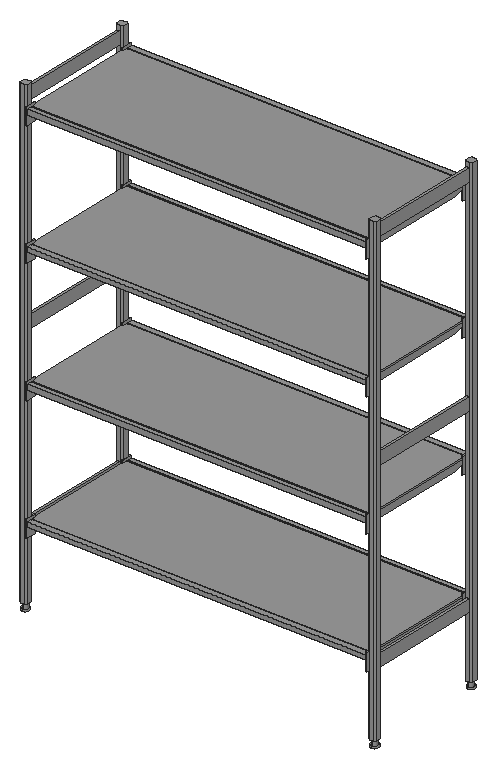
Revit family "QF_ZANUSSI_137036_BLS1304", category Attrezzature speciali, Revit 2020
Family settings
  Quota connettore circolare = Usa diametro
  Tipo di parte = Normale
  Basato su piano di lavoro = No
  Sempre verticale = Sì
  Taglio con vuoti quando caricato = No
  Condiviso = No
  Punto di calcolo locali = No
Parameters (values of type "Standard")
  Weight = 25.00 kg
  Watts = 0 W
  Volts = 0 V
  URL Manufacturer = "http://www.zanussiprofessional.com"
  URL = "http://www.zanussiprofessional.com"
  Steam Supply Size = 0 mm
  Steam Supply Minimum Pressure = 0.0 Pa
  Steam Supply Maximum Pressure = 0.0 Pa
  Steam Consumption per Hour = 0
  Refrigeration Suction Line Size = 0.0 mm
  Refrigeration Liquid Line Size = 0.0 mm
  Refrigerant Compressor Remote = yes
  Prospetto di default = 0.0 mm
  Phase = 0
  Modello = "BLS1304"
  Produttore = "Zanussi"
  Length Actual = 1304.0 mm  # constant formula
  Item Number = "137036"
  Hot Water Size = 0 mm
  Height Actual = 1700.0 mm  # constant formula
  HP = "0 HP"
  Gas Size = 0 mm
  Gas KW = 0
  Gas Input Pressure = 0 W
  Direct Waste Size = 0 mm
  Descrizione = "ALUM.LINEAR SHELV.-POLY.TIERS-475X1304MM"
  Depth Actual = 475.0 mm  # constant formula
  Cycle = 0 Hz
  Condensate Return Size = 0 mm
  Compressed Air Volume = 0.0 L/s
  Compressed Air Size = 0 mm
  Compressed Air Pressure = 0.0 Pa
  Cold Water Size = 0 mm
  Accessory = yes
Reference planes
  plane 1: z = 0
  plane 2 "Center (Left/Right)": x = -31
  plane 3 "LEFT": x = -683
  plane 4 "RIGHT": x = 621
  plane 5 "BACK": y = 23
  plane 6 "FRONT": y = -452
  plane 7 "TOP": z = 1700
  plane 8: x = 616
  plane 9: x = -651
  plane 10: x = 589
  plane 11 "Center (Front/Back)": y = -214.5
  plane 12: x = 584
  plane 13: y = -8.5
  plane 14: y = -420.5
  plane 15 "FEET": z = 25
  plane 16: z = 275
  plane 17: z = 725
  plane 18: z = 1175
  plane 19: z = 1625
  plane 20 "CXLeft": x = -669
  plane 21 "CXRight": x = 607
  plane 22: y = 5.5
  plane 23 "CYBack": y = 5.5
  plane 24 "CYFront": y = -434.5
Forms (mm)
  Extrusion 1, solid, material "QF_Aluminum"
    sketch origin (-683, 0, 0) x (0, 1, 0) y (0, 0, 1)
      loop
        line (4, 1650.994) -> (4, 1632.998) -> (23, 1632.998) -> (23, 1650.994) -> (4, 1650.994)
      loop
        line (-433, 1650.994) -> (-452, 1650.994) -> (-452, 1632.998) -> (-433, 1632.998) -> (-433, 1650.994)
      loop
        line (4, 1200.994) -> (4, 1182.998) -> (23, 1182.998) -> (23, 1200.994) -> (4, 1200.994)
      loop
        line (-433, 1200.994) -> (-452, 1200.994) -> (-452, 1182.998) -> (-433, 1182.998) -> (-433, 1200.994)
      loop
        line (4, 750.994) -> (4, 732.998) -> (23, 732.998) -> (23, 750.994) -> (4, 750.994)
      loop
        line (-433, 750.994) -> (-452, 750.994) -> (-452, 732.998) -> (-433, 732.998) -> (-433, 750.994)
      loop
        line (4, 300.994) -> (4, 282.998) -> (23, 282.998) -> (23, 300.994) -> (4, 300.994)
      loop
        line (-433, 300.994) -> (-452, 300.994) -> (-452, 282.998) -> (-433, 282.998) -> (-433, 300.994)
    from 32 to 1272
  Extrusion 2, solid, material "QF_Polyethylene"
    sketch origin (-683, 0, 0) x (0, 1, 0) y (0, 0, 1)
      loop
        line (2.007, 1650.994) -> (-431, 1650.994) -> (-431, 1644.496) -> (2.007, 1644.496) -> (2.007, 1650.994)
      loop
        line (2.007, 1200.994) -> (-431, 1200.994) -> (-431, 1194.496) -> (2.007, 1194.496) -> (2.007, 1200.994)
      loop
        line (2.007, 750.994) -> (-431, 750.994) -> (-431, 744.496) -> (2.007, 744.496) -> (2.007, 750.994)
      loop
        line (2.007, 300.994) -> (-431, 300.994) -> (-431, 294.496) -> (2.007, 294.496) -> (2.007, 300.994)
    from 32 to 1272
  Extrusion 3, solid, material "QF_Aluminum"
    sketch origin (621, 0, 0) x (0, 1, 0) y (0, 0, 1)
      loop
        line (-12, 1632.998) -> (4, 1632.998) -> (4, 1650.994) -> (2.007, 1650.994) -> (2.007, 1644.496) -> (-431, 1644.496) -> (-431, 1650.994) -> (-433, 1650.994) -> (-433, 1632.998) -> (-417, 1632.998) -> (-383, 1620.994) -> (-46, 1620.994) -> (-12, 1632.998)
      loop
        line (-12, 1182.998) -> (4, 1182.998) -> (4, 1200.994) -> (2.007, 1200.994) -> (2.007, 1194.496) -> (-431, 1194.496) -> (-431, 1200.994) -> (-433, 1200.994) -> (-433, 1182.998) -> (-417, 1182.998) -> (-383, 1170.994) -> (-46, 1170.994) -> (-12, 1182.998)
      loop
        line (-12, 732.998) -> (4, 732.998) -> (4, 750.994) -> (2.007, 750.994) -> (2.007, 744.496) -> (-431, 744.496) -> (-431, 750.994) -> (-433, 750.994) -> (-433, 732.998) -> (-417, 732.998) -> (-383, 720.994) -> (-46, 720.994) -> (-12, 732.998)
      loop
        line (-12, 282.998) -> (4, 282.998) -> (4, 300.994) -> (2.007, 300.994) -> (2.007, 294.496) -> (-431, 294.496) -> (-431, 300.994) -> (-433, 300.994) -> (-433, 282.998) -> (-417, 282.998) -> (-383, 270.994) -> (-46, 270.994) -> (-12, 282.998)
    from -32 to -37
Lines and regions (mm)
  symbolic lines
    curve 1: line (589, 4, 1700) -> (-651, 4, 1700)
    curve 2: line (-655, 23, 1700) -> (593, 23, 1700)
    curve 3: line (593, 13.246, 1700) -> (599.254, 19.5, 1700)
    curve 4: line (599.254, -8.5, 1700) -> (593, -2.246, 1700)
    curve 5: line (599.254, -420.5, 1700) -> (593, -426.754, 1700)
    curve 6: line (-655, -452, 1700) -> (593, -452, 1700)
    curve 7: line (593, 23, 1700) -> (593, -12.993, 1700)
    curve 8: line (593, -12.993, 1700) -> (589, -12.993, 1700)
    curve 9: line (593, -452, 1700) -> (593, -416.007, 1700)
    curve 10: line (593, -416.007, 1700) -> (589, -416.007, 1700)
    curve 11: line (-651, -12.993, 1700) -> (-651, -416.007, 1700)
    curve 12: line (-651, -433, 1700) -> (589, -433, 1700)
    curve 13: line (589, -12.993, 1700) -> (589, -416.007, 1700)
Dimensions and locks
  locked: plane 3 "LEFT" to plane 4 "RIGHT" at 1304
  equal spacing: plane 3 "LEFT", plane 2 "Center (Left/Right)", plane 4 "RIGHT"
  locked: plane 7 "TOP" to level at 1700
  locked: plane 5 "BACK" to plane 6 "FRONT" at 475
  locked: plane 4 "RIGHT" to plane 8 at 5
  locked: plane 9 to plane 10 at 1240
  locked: plane 3 "LEFT" to plane 9 at 32
  plane 12 to plane 10 = 5.0 mm
  locked: plane 13 to plane 14 at 412
  equal spacing: plane 13, plane 11 "Center (Front/Back)", plane 14
  equal spacing: plane 5 "BACK", plane 11 "Center (Front/Back)", plane 6 "FRONT"
  plane 15 "FEET" to level = 25.0 mm
  plane 7 "TOP" to plane 15 "FEET" = 1675.0 mm
  plane 16 to plane 15 "FEET" = 250.0 mm
  plane 17 to plane 16 = 450.0 mm
  plane 18 to plane 17 = 450.0 mm
  plane 19 to plane 18 = 450.0 mm
  locked: plane 3 "LEFT" to plane 20 "CXLeft" at 14
  locked: plane 21 "CXRight" to plane 4 "RIGHT" at 14
  locked: plane 5 "BACK" to plane 23 "CYBack" at 17.5
  locked: plane 24 "CYFront" to plane 6 "FRONT" at 17.5
  aligned and locked: level to plane 1
  aligned and locked: plane 9 to Extrusion 2
  aligned and locked: Extrusion 2 to plane 10
  aligned and locked: plane 9 to Extrusion 1
  aligned and locked: Extrusion 1 to plane 10
  aligned and locked: Extrusion 1 sketch curve to Extrusion 1 sketch curve  (x2)
  aligned and locked: Extrusion 3 sketch curve to Extrusion 3 sketch curve  (x3)
  aligned and locked: Extrusion 3 to plane 12
  aligned and locked: Extrusion 3 to plane 10
  aligned and locked: nested 1 to plane 20 "CXLeft"
  aligned and locked: nested 2 to plane 21 "CXRight"
Automatic sketch dimensions
  Extrusion 1 sketch curve to plane 6 "FRONT" = 0.0 mm  (x4)
  Extrusion 1 sketch curve to plane 5 "BACK" = 0.0 mm  (x4)
  plane 24 "CYFront" to Extrusion 1 sketch curve = 1.5 mm  (x2)
  plane 22 to Extrusion 1 sketch curve = 1.5 mm  (x4)
  plane 16 to Extrusion 1 sketch curve = 7.998 mm  (x2)
  Extrusion 1 sketch curve to Extrusion 1 sketch curve = 17.997 mm  (x8)
  plane 17 to Extrusion 1 sketch curve = 7.998 mm  (x2)
  plane 18 to Extrusion 1 sketch curve = 7.998 mm  (x2)
  plane 19 to Extrusion 1 sketch curve = 7.998 mm  (x2)
  plane 24 "CYFront" to Extrusion 2 sketch curve = 3.5 mm  (x4)
  plane 22 to Extrusion 2 sketch curve = 3.493 mm  (x4)
  plane 16 to Extrusion 2 sketch curve = 19.496 mm
  Extrusion 2 sketch curve to Extrusion 2 sketch curve = 6.499 mm  (x4)
  plane 17 to Extrusion 2 sketch curve = 19.496 mm
  plane 18 to Extrusion 2 sketch curve = 19.496 mm
  plane 19 to Extrusion 2 sketch curve = 19.496 mm
  plane 24 "CYFront" to Extrusion 3 sketch curve = 1.5 mm  (x4)
  Extrusion 3 sketch curve to Extrusion 3 sketch curve = 2.0 mm
  plane 14 to Extrusion 3 sketch curve = 3.5 mm  (x4)
  Extrusion 3 sketch curve to plane 16 = 4.006 mm
  Extrusion 3 sketch curve to Extrusion 3 sketch curve = 34.0 mm  (x4)
  Extrusion 3 sketch curve to plane 17 = 4.006 mm
  Extrusion 3 sketch curve to plane 18 = 4.006 mm
  Extrusion 3 sketch curve to plane 19 = 4.006 mm
  Extrusion 3 sketch curve to plane 13 = 37.5 mm  (x4)
  Extrusion 3 sketch curve to plane 13 = 3.5 mm  (x4)
  plane 22 to Extrusion 3 sketch curve = 3.493 mm  (x4)
  plane 22 to Extrusion 3 sketch curve = 1.5 mm  (x4)
  plane 16 to Extrusion 3 sketch curve = 7.998 mm  (x2)
  Extrusion 3 sketch curve to Extrusion 3 sketch curve = 11.498 mm  (x4)
  Extrusion 3 sketch curve to Extrusion 3 sketch curve = 6.499 mm  (x8)
  plane 17 to Extrusion 3 sketch curve = 7.998 mm  (x2)
  plane 18 to Extrusion 3 sketch curve = 7.998 mm  (x2)
  plane 19 to Extrusion 3 sketch curve = 7.998 mm  (x2)
  curve 6 to plane 6 "FRONT" = 0.0 mm
  curve 12 to plane 9 = 0.0 mm
  curve 12 to plane 10 = 0.0 mm
  curve 5 to plane 14 = 0.0 mm
  curve 11 to plane 9 = 0.0 mm
  curve 8 to plane 10 = 0.0 mm
  curve 4 to plane 13 = 0.0 mm
  curve 1 to plane 9 = 0.0 mm
  curve 1 to plane 10 = 0.0 mm
  curve 2 to plane 5 "BACK" = 0.0 mm
  plane 14 to curve 10 = 4.493 mm
  curve 7 to plane 13 = 4.493 mm
  curve 10 to plane 10 = 4.0 mm
  curve 7 to plane 10 = 4.0 mm
  plane 24 "CYFront" to curve 12 = 1.5 mm
  curve 5 to plane 14 = 6.254 mm
  plane 14 to curve 11 = 4.493 mm
  curve 11 to plane 13 = 4.493 mm
  plane 13 to curve 4 = 6.254 mm
  plane 22 to curve 1 = 1.5 mm
  curve 3 to plane 22 = 7.746 mm
  curve 3 to plane 5 "BACK" = 3.5 mm
  curve 5 to curve 9 = 6.254 mm
  curve 3 to curve 2 = 6.254 mm
  curve 4 to curve 7 = 6.254 mm
  plane 9 to curve 2 = 4.0 mm
  plane 9 to curve 6 = 4.0 mm
Nested families
  nested 1: "WT_Anta475" at (-266, 0, 0), type "WT_Anta475"
  nested 2: "WT_Anta475" at (204, 0, 0) x (-1, 0, 0) z (0, 0, 1), type "WT_Anta475"
Definition of nested family "WT_Anta475"
  Parameters
    WidthLeft = A + 64.0 mm  # 772.0 mm
    Width = 1606.0 mm
    Right = WidthLeft / 2  # 386.0 mm
    Default Elevation = 0.0 mm
    Left = -WidthLeft / 2  # -386.0 mm
    Height = 1725.0 mm
    FEET = 25.0 mm
    E = 0.0 mm
    Dint = Depth - 63.0 mm  # 412.0 mm
    Dext = Depth - 8.0 mm  # 467.0 mm
    Depth = 475.0 mm
    DX = (WidthLeft - A) / 2  # 32.0 mm
    B = 798.0 mm
    A = 708.0 mm
  Reference planes
    plane 1: z = 0
    plane 2 "LEFT": x = -417
    plane 3 "BACK": y = 23
    plane 4 "FRONT": y = -452
    plane 5 "TOP": z = 1725
    plane 6 "Center (Front/Back)": y = -214.5
    plane 7: y = -8.5
    plane 8: y = -420.5
    plane 9 "FEET": z = 25
    plane 10: z = 275
    plane 11: z = 725
    plane 12: z = 1175
    plane 13: z = 1625
    plane 14 "CXLeft": x = -403
    plane 15: y = 5.5
    plane 16 "CYBack": y = 5.5
    plane 17 "CYFront": y = -434.5
    plane 18: x = -385.031
    plane 19: x = -380.031
  Forms (mm)
    Extrusion 1, solid
      sketch origin (0, 0, 0) x (1, 0, 0) y (0, 1, 0)
        loop
          line (-417, 13.246) -> (-417, -2.246) -> (-410.746, -8.5) -> (-395.254, -8.5) -> (-389, -2.246) -> (-389, 13.246) -> (-395.254, 19.5) -> (-410.746, 19.5) -> (-417, 13.246)
      from 1725 to 25
    Extrusion 2, solid
      sketch origin (-417, 0, 0) x (0, 1, 0) y (0, 0, 1)
        loop
          line (23, 246.005) -> (23, 307.993) -> (-12.993, 307.993) -> (-12.993, 246.005) -> (23, 246.005)
        loop
          line (-452, 246.005) -> (-416.007, 246.005) -> (-416.007, 307.993) -> (-452, 307.993) -> (-452, 246.005)
        loop
          line (23, 696.005) -> (23, 757.993) -> (-12.993, 757.993) -> (-12.993, 696.005) -> (23, 696.005)
        loop
          line (-452, 696.005) -> (-416.007, 696.005) -> (-416.007, 757.993) -> (-452, 757.993) -> (-452, 696.005)
        loop
          line (23, 1146.005) -> (23, 1207.993) -> (-12.993, 1207.993) -> (-12.993, 1146.005) -> (23, 1146.005)
        loop
          line (-452, 1146.005) -> (-416.007, 1146.005) -> (-416.007, 1207.993) -> (-452, 1207.993) -> (-452, 1146.005)
        loop
          line (23, 1596.005) -> (23, 1657.993) -> (-12.993, 1657.993) -> (-12.993, 1596.005) -> (23, 1596.005)
        loop
          line (-452, 1596.005) -> (-416.007, 1596.005) -> (-416.007, 1657.993) -> (-452, 1657.993) -> (-452, 1596.005)
      from 28 to 32
    Revolve 3, solid
      sketch origin (-403, 0, 0) x (0, 1, 0) y (0, 0, 1)
        loop
          line (5.5, 25) -> (5.5, 0) -> (19, 0) -> (19, 5) -> (14, 5) -> (14, 25) -> (5.5, 25)
        axis (5.5, 25) -> (5.5, 0)
      angle from 0 to 360
    Extrusion 4, solid
      sketch origin (-403, 0, 0) x (0, 1, 0) y (0, 0, 1)
        loop
          line (-8.5, 912.382) -> (-8.5, 957.374) -> (-420.5, 957.374) -> (-420.5, 912.382) -> (-8.5, 912.382)
        loop
          line (-8.5, 1662.244) -> (-8.5, 1707.236) -> (-420.5, 1707.236) -> (-420.5, 1662.244) -> (-8.5, 1662.244)
      from -5 to 5
    Revolve 5, solid
      sketch origin (-403, -627, 0) x (0, -1, 0) y (0, 0, 1)
        loop
          line (-192.5, 25) -> (-192.5, 0) -> (-179, 0) -> (-179, 5) -> (-184, 5) -> (-184, 25) -> (-192.5, 25)
        axis (-192.5, 25) -> (-192.5, 0)
      angle from 0 to 360
    Extrusion 6, solid
      sketch origin (0, -627, 0) x (1, 0, 0) y (0, 1, 0)
        loop
          line (-417, 184.754) -> (-410.746, 178.5) -> (-395.254, 178.5) -> (-389, 184.754) -> (-389, 200.246) -> (-395.254, 206.5) -> (-410.746, 206.5) -> (-417, 200.246) -> (-417, 184.754)
      from 1725 to 25
    Extrusion 7, solid
      sketch origin (-417.031, -0.022, 0) x (0, 1, 0) y (0, 0, -1)
        loop
          line (-12, -1632.998) -> (-46, -1620.994) -> (-383, -1620.994) -> (-417, -1632.998) -> (-433, -1632.998) -> (-433, -1650.994) -> (-431, -1650.994) -> (-431, -1644.496) -> (2.007, -1644.496) -> (2.007, -1650.994) -> (4, -1650.994) -> (4, -1632.998) -> (-12, -1632.998)
        loop
          line (-12, -1182.998) -> (-46, -1170.994) -> (-383, -1170.994) -> (-417, -1182.998) -> (-433, -1182.998) -> (-433, -1200.994) -> (-431, -1200.994) -> (-431, -1194.496) -> (2.007, -1194.496) -> (2.007, -1200.994) -> (4, -1200.994) -> (4, -1182.998) -> (-12, -1182.998)
        loop
          line (-12, -732.998) -> (-46, -720.994) -> (-383, -720.994) -> (-417, -732.998) -> (-433, -732.998) -> (-433, -750.994) -> (-431, -750.994) -> (-431, -744.496) -> (2.007, -744.496) -> (2.007, -750.994) -> (4, -750.994) -> (4, -732.998) -> (-12, -732.998)
        loop
          line (-12, -282.998) -> (-46, -270.994) -> (-383, -270.994) -> (-417, -282.998) -> (-433, -282.998) -> (-433, -300.994) -> (-431, -300.994) -> (-431, -294.496) -> (2.007, -294.496) -> (2.007, -300.994) -> (4, -300.994) -> (4, -282.998) -> (-12, -282.998)
      from -32 to -37
    Extrusion 8, solid
      sketch origin (-403, 0, -659.878) x (0, 1, 0) y (0, 0, 1)
        loop
          line (-8.5, 912.382) -> (-8.5, 957.374) -> (-420.5, 957.374) -> (-420.5, 912.382) -> (-8.5, 912.382)
        loop
          line (-8.5, 1572.382) -> (-8.5, 1617.374) -> (-420.5, 1617.374) -> (-420.5, 1572.382) -> (-8.5, 1572.382)
        loop
          line (-8.5, 2322.382) -> (-8.5, 2367.374) -> (-420.5, 2367.374) -> (-420.5, 2322.382) -> (-8.5, 2322.382)
      from -5 to 5
  Lines and regions (mm)
    symbolic lines
      curve 1: line (-408, -8.5, 1725) -> (-408, -420.5, 1725)
      curve 2: line (-398, -420.5, 1725) -> (-398, -8.5, 1725)
      curve 3: line (-395.254, -8.5, 1725) -> (-410.746, -8.5, 1725)
      curve 4: line (-417, -2.246, 1725) -> (-410.746, -8.5, 1725)
      curve 5: line (-417, 13.246, 1725) -> (-417, -2.246, 1725)
      curve 6: line (-410.746, 19.5, 1725) -> (-417, 13.246, 1725)
      curve 7: line (-395.254, 19.5, 1725) -> (-410.746, 19.5, 1725)
      curve 8: line (-389, 13.246, 1725) -> (-395.254, 19.5, 1725)
      curve 9: line (-395.254, -8.5, 1725) -> (-389, -2.246, 1725)
      curve 10: line (-395.254, -420.5, 1725) -> (-410.746, -420.5, 1725)
      curve 11: line (-417, -426.754, 1725) -> (-410.746, -420.5, 1725)
      curve 12: line (-410.746, -448.5, 1725) -> (-417, -442.246, 1725)
      curve 13: line (-395.254, -448.5, 1725) -> (-410.746, -448.5, 1725)
      curve 14: line (-389, -442.246, 1725) -> (-395.254, -448.5, 1725)
      curve 15: line (-395.254, -420.5, 1725) -> (-389, -426.754, 1725)
      curve 16: line (-389, -452, 1725) -> (-389, -416.007, 1725)
      curve 17: line (-389, -416.007, 1725) -> (-385, -416.007, 1725)
      curve 18: line (-389, 23, 1725) -> (-389, -12.993, 1725)
      curve 19: line (-389, -12.993, 1725) -> (-385, -12.993, 1725)
      curve 20: line (-417, -426.754, 1725) -> (-417, -442.246, 1725)
      curve 21: line (-385, -452, 1725) -> (-385, -416.007, 1725)
      curve 22: line (-385, -452, 1725) -> (-389, -452, 1725)
      curve 23: line (-385, 23, 1725) -> (-389, 23, 1725)
      curve 24: line (-385, -12.993, 1725) -> (-385, 23, 1725)
      curve 25: line (-385.031, -13.016, 1725) -> (-385.031, -416.029, 1725)
  Dimensions and locks
    "Height": plane 5 "TOP" to level
    "Depth": plane 3 "BACK" to plane 4 "FRONT"
    "Dint": plane 7 to plane 8
    equal spacing: plane 7, plane 6 "Center (Front/Back)", plane 8
    equal spacing: plane 3 "BACK", plane 6 "Center (Front/Back)", plane 4 "FRONT"
    plane 9 "FEET" to level = 25.0 mm
    plane 5 "TOP" to plane 9 "FEET" = 1700.0 mm
    plane 10 to plane 9 "FEET" = 250.0 mm
    plane 11 to plane 10 = 450.0 mm
    plane 12 to plane 11 = 450.0 mm
    plane 13 to plane 12 = 450.0 mm
    locked: plane 2 "LEFT" to plane 14 "CXLeft" at 14
    locked: plane 3 "BACK" to plane 16 "CYBack" at 17.5
    locked: plane 17 "CYFront" to plane 4 "FRONT" at 17.5
    locked: Revolve 3 sketch curve to Revolve 3 sketch curve at 8.5
    locked: Revolve 3 sketch curve to plane 16 "CYBack" at 13.5
    locked: Revolve 5 sketch curve to Revolve 5 sketch curve at 8.5
    aligned and locked: level to plane 1
    aligned and locked: curve 20 to Extrusion 6
    aligned and locked: plane 5 "TOP" to Extrusion 1
    aligned and locked: plane 5 "TOP" to Extrusion 6
    aligned and locked: Extrusion 7 sketch curve to Extrusion 7 sketch curve  (x3)
  Automatic sketch dimensions
    curve 16 to plane 4 "FRONT" = 0.0 mm
    curve 11 to plane 8 = 0.0 mm
    curve 9 to plane 7 = 0.0 mm
    curve 5 to plane 2 "LEFT" = 0.0 mm
    curve 23 to plane 3 "BACK" = 0.0 mm
    plane 4 "FRONT" to curve 13 = 3.5 mm
    curve 20 to plane 17 "CYFront" = 7.746 mm
    curve 20 to plane 8 = 6.254 mm
    plane 8 to curve 16 = 4.493 mm
    curve 24 to plane 18 = 0.031 mm
    curve 24 to plane 7 = 4.493 mm
    plane 7 to curve 5 = 6.254 mm
    curve 5 to plane 15 = 7.746 mm
    curve 6 to plane 3 "BACK" = 3.5 mm
    curve 21 to plane 18 = 0.031 mm
    plane 18 to curve 23 = 3.969 mm
    plane 18 to curve 16 = 3.969 mm
    curve 18 to curve 8 = 6.254 mm
    curve 18 to curve 3 = 6.254 mm
    curve 16 to curve 13 = 6.254 mm
    curve 16 to curve 15 = 6.254 mm
    plane 2 "LEFT" to curve 10 = 6.254 mm
    plane 2 "LEFT" to curve 7 = 6.254 mm
    plane 2 "LEFT" to curve 12 = 6.254 mm
    plane 2 "LEFT" to curve 3 = 6.254 mm
    curve 14 to plane 17 "CYFront" = 7.746 mm
    curve 15 to plane 8 = 6.254 mm
    plane 7 to curve 9 = 6.254 mm
    curve 8 to plane 15 = 7.746 mm
    curve 3 to curve 2 = 2.746 mm
    curve 1 to curve 10 = 2.746 mm
    Extrusion 1 sketch curve to plane 2 "LEFT" = 0.0 mm
    Extrusion 1 sketch curve to plane 7 = 0.0 mm
    plane 2 "LEFT" to Extrusion 1 sketch curve = 6.254 mm  (x2)
    plane 14 "CXLeft" to Extrusion 1 sketch curve = 7.746 mm  (x2)
    Extrusion 1 sketch curve to plane 3 "BACK" = 3.5 mm
    plane 18 to Extrusion 1 sketch curve = 3.969 mm
    plane 7 to Extrusion 1 sketch curve = 6.254 mm  (x2)
    Extrusion 1 sketch curve to plane 15 = 7.746 mm  (x2)
    Extrusion 2 sketch curve to plane 4 "FRONT" = 0.0 mm  (x4)
    Extrusion 2 sketch curve to plane 3 "BACK" = 0.0 mm  (x4)
    plane 8 to Extrusion 2 sketch curve = 4.493 mm  (x4)
    Extrusion 2 sketch curve to plane 7 = 4.493 mm  (x4)
    Extrusion 2 sketch curve to plane 10 = 28.995 mm  (x2)
    plane 10 to Extrusion 2 sketch curve = 32.993 mm  (x2)
    Extrusion 2 sketch curve to plane 11 = 28.995 mm  (x2)
    plane 11 to Extrusion 2 sketch curve = 32.993 mm  (x2)
    Extrusion 2 sketch curve to plane 12 = 28.995 mm  (x2)
    plane 12 to Extrusion 2 sketch curve = 32.993 mm  (x2)
    Extrusion 2 sketch curve to plane 13 = 28.995 mm  (x2)
    plane 13 to Extrusion 2 sketch curve = 32.993 mm  (x2)
    Revolve 3 sketch curve to plane 9 "FEET" = 0.0 mm  (x2)
    Revolve 3 sketch curve to plane 15 = 0.0 mm  (x2)
    Revolve 3 sketch curve to level = 0.0 mm
    level to Revolve 3 sketch curve = 5.0 mm
    Revolve 3 sketch curve to Revolve 3 sketch curve = 11.655 mm
    Extrusion 4 sketch curve to plane 8 = 0.0 mm  (x2)
    Extrusion 4 sketch curve to plane 7 = 0.0 mm  (x2)
    plane 11 to Extrusion 4 sketch curve = 187.382 mm
    Extrusion 4 sketch curve to Extrusion 4 sketch curve = 44.992 mm
    plane 13 to Extrusion 4 sketch curve = 37.244 mm
    Extrusion 4 sketch curve to plane 5 "TOP" = 17.764 mm
    Revolve 5 sketch curve to plane 9 "FEET" = 0.0 mm  (x2)
    Revolve 5 sketch curve to plane 17 "CYFront" = 0.0 mm  (x2)
    Revolve 5 sketch curve to level = 0.0 mm
    Revolve 5 sketch curve to plane 4 "FRONT" = 4.0 mm
    Revolve 5 sketch curve to Revolve 5 sketch curve = 5.0 mm
    level to Revolve 5 sketch curve = 11.655 mm
    Extrusion 6 sketch curve to plane 2 "LEFT" = 0.0 mm
    Extrusion 6 sketch curve to plane 8 = 0.0 mm
    Extrusion 6 sketch curve to plane 2 "LEFT" = 6.254 mm  (x2)
    Extrusion 6 sketch curve to plane 14 "CXLeft" = 7.746 mm  (x2)
    Extrusion 6 sketch curve to plane 4 "FRONT" = 3.5 mm
    Extrusion 6 sketch curve to plane 18 = 3.969 mm
    plane 8 to Extrusion 6 sketch curve = 6.254 mm  (x2)
    plane 17 "CYFront" to Extrusion 6 sketch curve = 7.746 mm  (x2)
    plane 17 "CYFront" to Extrusion 7 sketch curve = 1.478 mm  (x4)
    Extrusion 7 sketch curve to Extrusion 7 sketch curve = 2.0 mm
    plane 8 to Extrusion 7 sketch curve = 3.478 mm  (x4)
    Extrusion 7 sketch curve to plane 10 = 4.006 mm
    Extrusion 7 sketch curve to Extrusion 7 sketch curve = 34.0 mm  (x4)
    Extrusion 7 sketch curve to plane 11 = 4.006 mm
    Extrusion 7 sketch curve to plane 12 = 4.006 mm
    Extrusion 7 sketch curve to plane 13 = 4.006 mm
    Extrusion 7 sketch curve to plane 7 = 37.522 mm  (x4)
    Extrusion 7 sketch curve to plane 7 = 3.522 mm  (x4)
    plane 15 to Extrusion 7 sketch curve = 3.516 mm  (x4)
    plane 15 to Extrusion 7 sketch curve = 1.522 mm  (x4)
    plane 13 to Extrusion 7 sketch curve = 7.998 mm  (x2)
    Extrusion 7 sketch curve to Extrusion 7 sketch curve = 11.498 mm
    Extrusion 7 sketch curve to Extrusion 7 sketch curve = 6.499 mm  (x5)
    plane 12 to Extrusion 7 sketch curve = 25.994 mm  (x2)
    plane 12 to Extrusion 7 sketch curve = 7.998 mm  (x2)
    plane 11 to Extrusion 7 sketch curve = 25.994 mm  (x2)
    plane 11 to Extrusion 7 sketch curve = 7.998 mm  (x2)
    plane 10 to Extrusion 7 sketch curve = 25.994 mm  (x2)
    plane 10 to Extrusion 7 sketch curve = 7.998 mm  (x2)
    curve 25 to plane 18 = 0.0 mm
    plane 8 to curve 25 = 4.471 mm
    curve 25 to plane 7 = 4.516 mm
    Extrusion 8 sketch curve to plane 8 = 0.0 mm  (x3)
    Extrusion 8 sketch curve to plane 7 = 0.0 mm  (x3)
    Extrusion 8 sketch curve to plane 10 = 22.496 mm
    plane 10 to Extrusion 8 sketch curve = 22.496 mm
    plane 11 to Extrusion 8 sketch curve = 187.504 mm
    Extrusion 8 sketch curve to Extrusion 8 sketch curve = 44.992 mm
    plane 13 to Extrusion 8 sketch curve = 37.504 mm
    Extrusion 8 sketch curve to plane 5 "TOP" = 17.504 mm
